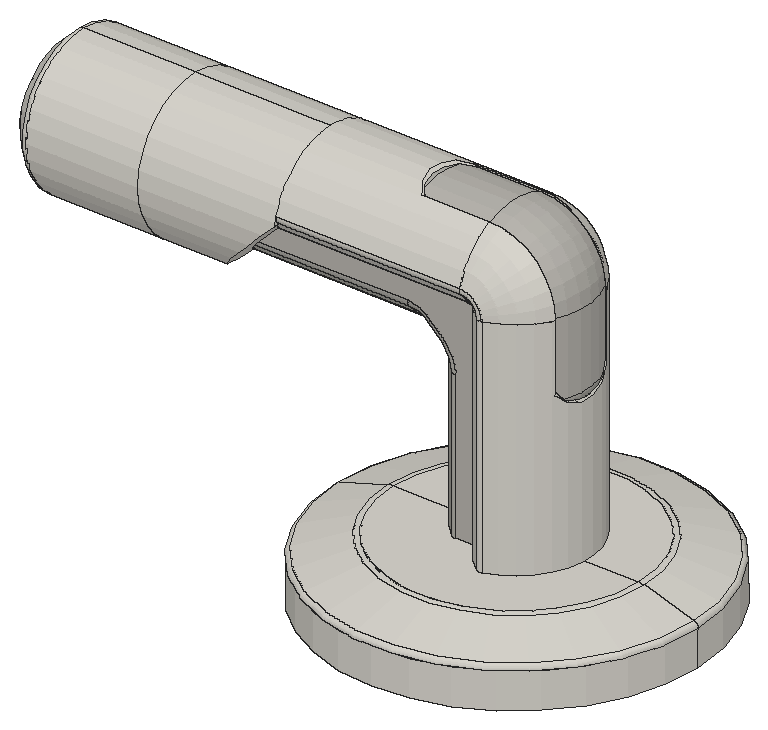
Revit family "Faucet-Deck_Mount-Handle-KALLISTA-Vice-P34580", category Plumbing Fixtures, host Face, Revit 2021
Family settings
  Host = Face
  Round Connector Dimension = Use Diameter
  Part Type = Normal
  OmniClass Number = 23.31.11.00
  OmniClass Title = Faucets
  Cut with Voids When Loaded = No
  Shared = No
  Room Calculation Point = No
Parameters (values of type "Vibrant Brushed Nickel, SN-Polished Nickel")
  Width = 2 133/256"  # constant formula
  WaterSense Certified = 1 = 0  # no
  Waste Water Outlet = "Waste Water Outlet"  # constant formula
  Waste Connection = 1 = 0  # no
  Vent Connection = 1 = 0  # no
  URL = "https://www.kallista.com/"
  Type = 3
  Secondary Finish = Kallista-Plastic-BN-Vibrant_Brushed_Nickel
  Product Page URL = ""
  Product Name = "Vice"  # constant formula
  Product Documentation Link = ""
  Pressure = 0.00 psi
  Model = if(Type = 1, "P34580-BAF-AF", if(Type = 2, "P34580-BN-BGP", if(Type = 3, "P34580-BN-SN", if(Type = 4, "P34580-BV-CP", if(Type = 5, "P34580-CP-CP", "NA")))))  # "P34580-BN-SN"
  Material = "Premium Metal Construction"  # constant formula
  Master Format 2014 Name = "Residential Faucets, Supplies, and Trim"  # constant formula
  Master Format 2014 = "22 41 39"  # constant formula
  Manufacturer Address = "444 Highland Dr, Kohler, WI 53044"  # constant formula
  Manufacturer = "Kallista Co."  # constant formula
  Length = 2.51969"  # constant formula
  Hot Water Inlet = "Hot Water Inlet"  # constant formula
  Height = 2.48819"  # constant formula
  Handle Clearance = 3.14961"  # constant formula
  HW Connection = 1 = 0  # no
  Flow Rate = 0 GPM
  Finish = Kallista-Metal-SN-Polished_Nickel
  Environmental Product Declaration = ""
  Drain Included = 1 = 0  # no
  Description = "Deck Mont Bah Faucet Diverter Handle , Lavatory"  # constant formula
  Default Elevation = 36"
  Declare Label = ""
  Date Modified = "4/25/2024"  # constant formula
  Date Created = "4/25/2024"  # constant formula
  Copyright = "Copyright Kallista Co."  # constant formula
  Contact Us = "https://www.kallista.com/corporate/contact-us/"
  Cold Water Inlet = "Cold Water Inlet"  # constant formula
  CW Connection = 1 = 1  # yes
  Assembly Code = "D2010"
  ADA Compliant = 1 = 0  # no
Types (6): name | Type | Secondary Finish | Model | Finish
  (no name) | 3 | Kallista-Plastic-BN-Vibrant_Brushed_Nickel | "P34580-BN-SN" | Kallista-Metal-SN-Polished_Nickel
  Chrome Accent, CP-Chrome | 5 | Kallista-Plastic-CP-Chrome | "P34580-CP-CP" | Kallista-Metal-CP-Chrome
  Brushed Bronze, CP-Chrome | 4 | Kallista-Plastic-BV-Brushed_Bronze | "P34580-BV-CP" | Kallista-Metal-CP-Chrome
  Vibrant Brushed Nickel, SN-Polished Nickel | 3 | Kallista-Plastic-BN-Vibrant_Brushed_Nickel | "P34580-BN-SN" | Kallista-Metal-SN-Polished_Nickel
  Brushed French Gold, AF-French Gold | 1 | Kallista-Plastic-BAF-Brushed_French_Gold | "P34580-BAF-AF" | Kallista-Metal-AF-French_Gold
  Vibrant Brushed Nickel, BGP | 2 | Kallista-Plastic-BN-Vibrant_Brushed_Nickel | "P34580-BN-BGP" | Kallista-Metal-BGP
Reference planes (in)
  plane 1 "Center (Front/Back)": y = 0
  plane 2: z = 0
  plane 3 "Center (Left/Right)": x = 0
  plane 4: y = -1.25984
  plane 5: y = 1.25984
  plane 6: y = -0.5
  plane 7: y = 0.5
  plane 8: z = 2.48819
  plane 9: z = 0.3937
  plane 10: x = 1.25984
  plane 11: x = -1.25969
  plane 12: x = -3.14961
Dimensions and locks (in)
  plane 7 to plane 6 = 1"
  "Height": plane 8 to level
  plane 9 to level = 0.3937"
  "Length": plane 5 to plane 4
  "Handle Clearance": plane 3 "Center (Left/Right)" to plane 12
  "Width": plane 11 to plane 10
  aligned and locked: plane 2 to host face
  aligned and locked: level to host face
  aligned and locked: plane 1 "Center (Front/Back)" to nested 1
  aligned and locked: plane 12 to nested 1
  aligned and locked: plane 10 to nested 1
  aligned and locked: plane 5 to nested 1
  aligned and locked: plane 4 to nested 1
  aligned and locked: plane 11 to nested 1
Automatic sketch dimensions
  host sketch curve to host sketch curve = 96"  (x2)
Nested families (in)
  nested 1: "P34580" at (0, 0, 0) x (0, -1, 0) z (0, 0, 1), type "P34580"
Connectors (in)
  piping at (0, 0, 0), diameter 0.5, driven by "CW Connection", driven by "Cold Water Inlet"
    settings: on nested 1, index 1, connector inside diameter 24", connector length 0", flow factor 0, pipe flow 0 GPM, pressure drop 0.00 psi, fitting loss kfactor 0, connector angle 0.00°, fixture units 0, engagement length 0", angle of deflection 0.00°, flow configuration 0, flow direction 1, fitting loss method 0, system type 20, joint type 0, gender type 0, connector reference index -1, connector utility 1, adjustable connector no, is connector primary yes, connector description "Cold Water Inlet"
Definition of nested family "P34580"
  Parameters
    Secondary Finish = none
    Material = none
    Default Elevation = 0"
  Reference planes (in)
    plane 1 "Center (Front/Back)": y = 0
    plane 2: z = 0
    plane 3 "Center (Left/Right)": x = 0
    plane 4: y = 1.25984
    plane 5: y = -1.25984
    plane 6: y = -3.14961
    plane 7: z = 2.48819
    plane 8: x = -1.25984
    plane 9: x = 1.25984
    plane 10: x = -0.5
    plane 11: x = 0.5
    plane 12: z = 0.3937
  Forms (in)
    Revolve 1, solid, material <- "Material", detail levels medium+fine
      sketch origin (0, 0, 0) x (0, 1, 0) y (0, 0, 1)
        loop
          line (1.25984, 0) -> (1.25984, 0.24693)
          arc (1.25984, 0.24693) -> (1.25229, 0.26983) -> (1.23261, 0.28374) r 0.03849
          line (1.23261, 0.28374) -> (0.89254, 0.38771)
          arc (0.89254, 0.38771) -> (0.87271, 0.39219) -> (0.85244, 0.3937) r 0.13718
          line (0.85244, 0.3937) -> (0.25627, 0.3937) -> (0.25627, 0.4248) -> (0, 0.4248) -> (0, 0) -> (1.25984, 0)
        axis (0, 0.4248) -> (0, 0)
      angle from 0 to 360
    Sweep 2, solid, material <- "Secondary Finish", detail levels medium+fine
      path origin (0, 0, 0) x (0, 1, 0) y (0, 0, 1)
        loop
          line (-0.34614, 0.4135) -> (-0.34614, 1.43508)
          arc (-0.34614, 1.43508) -> (-0.35495, 1.47935) -> (-0.38002, 1.51688) r 0.11569
          line (-0.38002, 1.51688) -> (-0.47496, 1.61181)
          arc (-0.47496, 1.61181) -> (-0.50637, 1.6328) -> (-0.54342, 1.64017) r 0.09682
          line (-0.54342, 1.64017) -> (-1.75721, 1.64017)
      profile origin (0, -1.15032, 1.64017) x (0, 0, -1) y (1, 0, 0)
        loop
          line (-0.34873, -0.2703) -> (-0.13727, -0.2703)
          arc (-0.13727, -0.2703) -> (-0.11498, -0.26591) -> (-0.09601, -0.2534) r 0.0588
          line (-0.09601, -0.2534) -> (-0.01705, -0.17564)
          arc (-0.01705, -0.17564) -> (-0.00443, -0.157) -> (0, -0.13493) r 0.05713
          line (0, -0.13493) -> (0, 0.13493)
          arc (0, 0.13493) -> (-0.00443, 0.157) -> (-0.01705, 0.17564) r 0.05713
          line (-0.01705, 0.17564) -> (-0.09601, 0.2534)
          arc (-0.09601, 0.2534) -> (-0.11498, 0.26591) -> (-0.13727, 0.2703) r 0.0588
          line (-0.13727, 0.2703) -> (-0.34873, 0.2703) -> (-0.34873, -0.2703)
    Extrusion 3, solid, material <- "Secondary Finish", detail levels medium+fine
      sketch origin (0, 0, 0) x (0, 1, 0) y (0, 0, 1)
        loop
          line (-0.2371, 1.84967) -> (-0.1424, 1.75496)
          arc (-0.1424, 1.75496) -> (-0.04337, 1.60821) -> (-0.00645, 1.43508) r 0.46443
          line (-0.00645, 1.43508) -> (0.07945, 1.43508) -> (0.07945, 2.04855) -> (-0.54342, 2.04855) -> (-0.54342, 1.98008)
          arc (-0.54342, 1.98008) -> (-0.37762, 1.94456) -> (-0.2371, 1.84967) r 0.44556
      from -0.2703 to 0.2703
    Sweep 4, solid, material <- "Material", detail levels medium+fine
      path origin (0, 0, 0) x (0, 1, 0) y (0, 0, 1)
        loop
          line (0.49969, 0.4135) -> (0.49969, 1.97638)
          arc (0.49969, 1.97638) -> (0.34979, 2.33828) -> (-0.01212, 2.48819) r 0.51181
          line (-0.01212, 2.48819) -> (-1.39007, 2.48819)
      profile origin (0, 0.49969, 1.19494) x (0, -1, 0) y (1, 0, 0)
        loop
          arc (0.3605, 0.48031) -> (-0.00024, -0.00228) -> (0.36508, -0.48142) r 0.5
          arc (0.36508, -0.48142) -> (0.38173, -0.48178) -> (0.39648, -0.47406) r 0.03347
          line (0.39648, -0.47406) -> (0.4855, -0.39392)
          arc (0.4855, -0.39392) -> (0.49579, -0.37975) -> (0.49943, -0.36263) r 0.0421
          line (0.49943, -0.36263) -> (0.49943, 0.36454)
          arc (0.49943, 0.36454) -> (0.49596, 0.38087) -> (0.48614, 0.39438) r 0.04016
          line (0.48614, 0.39438) -> (0.40103, 0.47102)
          arc (0.40103, 0.47102) -> (0.38197, 0.48092) -> (0.3605, 0.48031) r 0.04277
    Extrusion 5, solid, material <- "Material", detail levels medium+fine
      sketch origin (0, 0, 0) x (1, 0, 0) y (0, 0, 1)
        loop
          circle (0.0001, 1.98843) r 0.5
      from 1.29 to 2.23103
    Revolve 6, solid, material <- "Material", detail levels medium+fine
      sketch origin (0.0001, 0, 0) x (0, 1, 0) y (0, 0, 1)
        loop
          line (-2.23103, 1.98843) -> (-2.23103, 2.48843) -> (-3.00997, 2.48843)
          arc (-3.00997, 2.48843) -> (-3.02948, 2.48455) -> (-3.04603, 2.4735) r 0.05098
          line (-3.04603, 2.4735) -> (-3.13768, 2.38184)
          arc (-3.13768, 2.38184) -> (-3.14657, 2.36853) -> (-3.1497, 2.35283) r 0.04102
          line (-3.1497, 2.35283) -> (-3.1497, 1.98843) -> (-2.23103, 1.98843)
        axis (-2.23103, 1.98843) -> (-3.1497, 1.98843)
      angle from 0 to 360
    Extrusion 7, void
      sketch origin (0, 0, 0) x (0, 1, 0) y (0, 0, 1)
        loop
          line (-1.28609, 2.07337) -> (-1.96125, 1.39821) -> (-1.06864, 1.39821) -> (-1.06864, 2.07337) -> (-1.28609, 2.07337)
      from -0.97833 to 0.75393
    Sweep 8, solid, material <- "Secondary Finish", detail levels medium+fine
      path origin (0, 0, 0) x (0, 1, 0) y (0, 0, 1)
        loop
          arc (-0.58841, 2.43) -> (-0.55224, 2.46752) -> (-0.50198, 2.48132) r 0.09843
          line (-0.50198, 2.48132) -> (-0.00405, 2.48132)
          arc (-0.00405, 2.48132) -> (0.34632, 2.33619) -> (0.49145, 1.98582) r 0.4955
          line (0.49145, 1.98582) -> (0.49145, 1.46606)
          arc (0.49145, 1.46606) -> (0.47491, 1.41146) -> (0.43087, 1.3752) r 0.09843
      profile origin (0, -0.25302, 2.48132) x (0, 0, 1) y (1, 0, 0)
        loop
          line (-0.05328, 0.22486) -> (-0.09079, 0.22486) -> (-0.09079, -0.22348) -> (-0.0556, -0.22348)
          arc (-0.0556, -0.22348) -> (0, 0.00041) -> (-0.05328, 0.22486) r 0.48875
    Extrusion 9, solid, material <- "Material"
      sketch origin (0, 0, 0) x (1, 0, 0) y (0, 1, 0)
        loop
          circle (0, 0) r 0.07874
      from 0 to 0.01215
    Revolve 10, solid, material <- "Material", detail levels coarse
      sketch origin (0, 0, 0) x (0, 1, 0) y (0, 0, 1)
        loop
          line (1.25984, 0) -> (1.25984, 0.27541) -> (0.87294, 0.3937) -> (0.25627, 0.3937) -> (0.25627, 0.4248) -> (0, 0.4248) -> (0, 0) -> (1.25984, 0)
        axis (0, 0.4248) -> (0, 0)
      angle from 0 to 360
    Extrusion 11, solid, material <- "Material", detail levels coarse
      sketch origin (0, 0, 0) x (1, 0, 0) y (0, 0, 1)
        loop
          circle (0.0001, 1.98843) r 0.5
      from 1.29 to 3.14961
    Sweep 12, solid, material <- "Material", detail levels coarse
      path origin (0, 0, 0) x (0, 1, 0) y (0, 0, 1)
        loop
          line (0.48211, 0.41338) -> (0.48211, 1.97638)
          arc (0.48211, 1.97638) -> (0.33221, 2.33828) -> (-0.0297, 2.48819) r 0.51181
          line (-0.0297, 2.48819) -> (-1.29, 2.48819)
      profile origin (0, -0.65985, 2.48819) x (0, 0, -1) y (1, 0, 0)
        loop
          arc (0.49976, 0.5001) -> (-0.00024, 0.0001) -> (0.49976, -0.4999) r 0.5
          line (0.49976, -0.4999) -> (0.49976, 0.5001)
    Extrusion 13, solid, material <- "Secondary Finish", detail levels coarse
      sketch origin (0, 0, 0) x (0, 1, 0) y (0, 0, 1)
        loop
          arc (-0.54342, 1.64017) -> (-0.50637, 1.6328) -> (-0.47496, 1.61181) r 0.09682
          line (-0.47496, 1.61181) -> (-0.38002, 1.51688)
          arc (-0.38002, 1.51688) -> (-0.35495, 1.47935) -> (-0.34614, 1.43508) r 0.11569
          line (-0.34614, 1.43508) -> (-0.34614, 0.41338) -> (-0.01765, 0.41338) -> (-0.01765, 1.98843) -> (-1.73184, 1.98843) -> (-1.73184, 1.64017) -> (-0.54342, 1.64017)
      from -0.2703 to 0.2703
    Extrusion 14, void
      sketch origin (0, 0, 0) x (0, 1, 0) y (0, 0, 1)
        loop
          line (-1.37103, 1.98843) -> (-2.04619, 1.31327) -> (-1.06864, 1.31327) -> (-1.06864, 1.98843) -> (-1.37103, 1.98843)
      from 0.6971 to -0.69112
    Sweep 15, void
      path origin (0, -0.0123, -0.0123) x (0, 1, 0) y (0, 0, 1)
        loop
          arc (-0.60178, 2.51489) -> (-0.49957, 2.444) -> (-0.37772, 2.41902) r 0.30978
          line (-0.37772, 2.41902) -> (-0.00558, 2.41902)
          arc (-0.00558, 2.41902) -> (0.30385, 2.29085) -> (0.43202, 1.98143) r 0.4376
          line (0.43202, 1.98143) -> (0.43202, 1.61243)
          arc (0.43202, 1.61243) -> (0.45412, 1.49059) -> (0.5176, 1.38428) r 0.34692
      profile origin (0, -0.20395, 2.40672) x (0, 0, 1) y (1, 0, 0)
        loop
          line (0, 0.22486) -> (0, -0.22348) -> (0.09587, -0.22348) -> (0.09587, 0.22486) -> (0, 0.22486)
    Sweep 16, void
      path origin (0, 0.00003, -0.00052) x (0, 1, 0) y (0, 0, 1)
        loop
          arc (-0.60178, 2.51489) -> (-0.49957, 2.444) -> (-0.37772, 2.41902) r 0.30978
          line (-0.37772, 2.41902) -> (-0.00558, 2.41902)
          arc (-0.00558, 2.41902) -> (0.30385, 2.29085) -> (0.43202, 1.98143) r 0.4376
          line (0.43202, 1.98143) -> (0.43202, 1.61243)
          arc (0.43202, 1.61243) -> (0.45412, 1.49059) -> (0.5176, 1.38428) r 0.34692
      profile origin (0, -0.19162, 2.4185) x (0, 0, 1) y (1, 0, 0)
        loop
          line (0, 0.22486) -> (0, -0.22348) -> (0.07543, -0.22348) -> (0.07543, 0.22486) -> (0, 0.22486)
    Sweep 17, solid, material <- "Secondary Finish", detail levels coarse
      path origin (0, -0.0123, 0) x (0, 1, 0) y (0, 0, 1)
        loop
          arc (-0.58841, 2.43) -> (-0.55224, 2.46752) -> (-0.50198, 2.48132) r 0.09843
          line (-0.50198, 2.48132) -> (-0.00405, 2.48132)
          arc (-0.00405, 2.48132) -> (0.34632, 2.33619) -> (0.49145, 1.98582) r 0.4955
          line (0.49145, 1.98582) -> (0.49145, 1.46606)
          arc (0.49145, 1.46606) -> (0.47491, 1.41146) -> (0.43087, 1.3752) r 0.09843
      profile origin (0, -0.26532, 2.48132) x (0, 0, 1) y (1, 0, 0)
        loop
          line (-0.05328, 0.22486) -> (-0.09079, 0.22486) -> (-0.09079, -0.22348) -> (-0.0556, -0.22348)
          arc (-0.0556, -0.22348) -> (0, 0.00041) -> (-0.05328, 0.22486) r 0.48875
    Extrusion 18, void
      sketch origin (0, 0, 0) x (0, 1, 0) y (0, 0, 1)
        loop
          line (-1.28799, 2.07147) -> (-2.00634, 2.07147) -> (-2.00634, 1.35312) -> (-1.28799, 2.07147)
      from -0.66132 to 0.71393
  Cuts and joins
    Extrusion 18 cuts Sweep 2
    joined: Sweep 2, Extrusion 3
    Sweep 16 cuts Sweep 4
    Extrusion 7 cuts Extrusion 5
    joined: Revolve 1, Sweep 4, Extrusion 5, Revolve 6
    Extrusion 14 cuts Extrusion 11
    Sweep 15 cuts Sweep 12
    joined: Revolve 10, Extrusion 11, Sweep 12
    Extrusion 18 cuts Extrusion 13
    joined: Extrusion 13, Sweep 17
  Lines and regions (in)
    Masking region 1
      outline origin (0, 0, 0) x (1, 0, 0) y (0, 1, 0)
        loop
          line (0.3605, -3.14961) -> (-0.36555, -3.14961)
          arc (-0.36555, -3.14961) -> (-0.38122, -3.14649) -> (-0.3945, -3.13761) r 0.04095
          line (-0.3945, -3.13761) -> (-0.48672, -3.04539)
          arc (-0.48672, -3.04539) -> (-0.49654, -3.03095) -> (-0.5, -3.01383) r 0.04414
          line (-0.5, -3.01383) -> (-0.5, -1.38569)
          arc (-0.5, -1.38569) -> (-0.48941, -1.30241) -> (-0.48245, -1.21874) r 1.92952
          line (-0.48245, -1.21874) -> (-0.48245, -1.1638)
          arc (-0.48245, -1.1638) -> (-1.04718, -0.70044) -> (-1.25984, -0.00157) r 1.25984
          arc (-1.25984, -0.00157) -> (-0.89093, 0.89076) -> (0.00133, 1.25984) r 1.25984
          arc (0.00133, 1.25984) -> (0.89133, 0.89036) -> (1.25984, -0.00005) r 1.25984
          arc (1.25984, -0.00005) -> (1.04761, -0.6998) -> (0.48245, -1.1638) r 1.25984
          line (0.48245, -1.1638) -> (0.48245, -1.21874)
          arc (0.48245, -1.21874) -> (0.48941, -1.30241) -> (0.5, -1.38569) r 1.92952
          line (0.5, -1.38569) -> (0.5, -3.01383)
          arc (0.5, -3.01383) -> (0.49654, -3.03095) -> (0.48672, -3.04539) r 0.04414
          line (0.48672, -3.04539) -> (0.3945, -3.13761)
          arc (0.3945, -3.13761) -> (0.38122, -3.14649) -> (0.36555, -3.14961) r 0.04095
    Masking region 2
      outline origin (0, 0, 0) x (1, 0, 0) y (0, 0, 1)
        loop
          line (-1.25984, 0) -> (0, 0) -> (1.25984, 0) -> (1.25984, 0.24764)
          arc (1.25984, 0.24764) -> (1.2529, 0.26883) -> (1.23476, 0.2818) r 0.0358
          line (1.23476, 0.2818) -> (0.8926, 0.38571)
          arc (0.8926, 0.38571) -> (0.86599, 0.39169) -> (0.83879, 0.3937) r 0.18519
          line (0.83879, 0.3937) -> (0.27653, 0.3937) -> (0.30172, 0.41338) -> (0.46243, 0.41338)
          arc (0.46243, 0.41338) -> (0.47635, 0.41915) -> (0.48211, 0.43307) r 0.01969
          line (0.48211, 0.43307) -> (0.48211, 1.86013)
          arc (0.48211, 1.86013) -> (0, 2.48819) -> (-0.48211, 1.86013) r 0.49907
          line (-0.48211, 1.86013) -> (-0.48211, 0.43307)
          arc (-0.48211, 0.43307) -> (-0.47635, 0.41915) -> (-0.46243, 0.41338) r 0.01969
          line (-0.46243, 0.41338) -> (-0.30172, 0.41338) -> (-0.27653, 0.3937) -> (-0.83879, 0.3937)
          arc (-0.83879, 0.3937) -> (-0.86599, 0.39169) -> (-0.8926, 0.38571) r 0.18519
          line (-0.8926, 0.38571) -> (-1.23476, 0.2818)
          arc (-1.23476, 0.2818) -> (-1.2529, 0.26883) -> (-1.25984, 0.24764) r 0.0358
          line (-1.25984, 0.24764) -> (-1.25984, 0)
    Masking region 3
      outline origin (0, 0, 0) x (0, 1, 0) y (0, 0, 1)
        loop
          line (-0.57922, 2.48819) -> (-3.01447, 2.48819)
          arc (-3.01447, 2.48819) -> (-3.03111, 2.48488) -> (-3.04522, 2.47545) r 0.04349
          line (-3.04522, 2.47545) -> (-3.13536, 2.38531)
          arc (-3.13536, 2.38531) -> (-3.1459, 2.36953) -> (-3.14961, 2.35092) r 0.04863
          line (-3.14961, 2.35092) -> (-3.14961, 1.62558)
          arc (-3.14961, 1.62558) -> (-3.1459, 1.60697) -> (-3.13536, 1.59119) r 0.04863
          line (-3.13536, 1.59119) -> (-3.04522, 1.50105)
          arc (-3.04522, 1.50105) -> (-3.0325, 1.49223) -> (-3.0175, 1.48842) r 0.04349
          line (-3.0175, 1.48842) -> (-1.90138, 1.48842)
          arc (-1.90138, 1.48842) -> (-1.88069, 1.49244) -> (-1.86302, 1.50391) r 0.05523
          line (-1.86302, 1.50391) -> (-1.65324, 1.7064) -> (-1.6853, 1.67434)
          arc (-1.6853, 1.67434) -> (-1.68955, 1.65296) -> (-1.67143, 1.64085) r 0.01962
          line (-1.67143, 1.64085) -> (-0.54685, 1.64085)
          arc (-0.54685, 1.64085) -> (-0.50802, 1.63313) -> (-0.4751, 1.61113) r 0.10147
          line (-0.4751, 1.61113) -> (-0.37801, 1.51405)
          arc (-0.37801, 1.51405) -> (-0.3554, 1.4802) -> (-0.34746, 1.44028) r 0.10432
          line (-0.34746, 1.44028) -> (-0.34746, 0.43333)
          arc (-0.34746, 0.43333) -> (-0.34171, 0.41947) -> (-0.32786, 0.41373) r 0.0196
          line (-0.32786, 0.41373) -> (-0.29663, 0.41373) -> (-0.26348, 0.3937) -> (-0.84152, 0.3937)
          arc (-0.84152, 0.3937) -> (-0.86696, 0.39184) -> (-0.89186, 0.38629) r 0.17458
          line (-0.89186, 0.38629) -> (-1.23313, 0.28352)
          arc (-1.23313, 0.28352) -> (-1.25243, 0.26997) -> (-1.25984, 0.24758) r 0.03753
          line (-1.25984, 0.24758) -> (-1.25984, 0) -> (1.25984, 0) -> (1.25984, 0.24529)
          arc (1.25984, 0.24529) -> (1.25141, 0.27064) -> (1.22948, 0.28589) r 0.04232
          line (1.22948, 0.28589) -> (0.88449, 0.38751)
          arc (0.88449, 0.38751) -> (0.86325, 0.39215) -> (0.84157, 0.3937) r 0.15188
          line (0.84157, 0.3937) -> (0.27522, 0.3937) -> (0.30278, 0.41373) -> (0.48001, 0.41373)
          arc (0.48001, 0.41373) -> (0.49393, 0.41949) -> (0.49969, 0.43341) r 0.01969
          line (0.49969, 0.43341) -> (0.49969, 1.40768)
          arc (0.49969, 1.40768) -> (0.48851, 1.42683) -> (0.47263, 1.44231) r 0.08253
          arc (0.47263, 1.44231) -> (0.48636, 1.44957) -> (0.49185, 1.4641) r 0.02195
          line (0.49185, 1.4641) -> (0.49185, 1.99164)
          arc (0.49185, 1.99164) -> (0.34874, 2.33714) -> (0.00323, 2.48025) r 0.48862
          line (0.00323, 2.48025) -> (-0.52098, 2.48025)
          arc (-0.52098, 2.48025) -> (-0.53679, 2.47517) -> (-0.54667, 2.46183) r 0.02713
          arc (-0.54667, 2.46183) -> (-0.56117, 2.47721) -> (-0.57922, 2.48819) r 0.07905
    symbolic lines, detail levels medium+fine
      curve 1: line (-0.48245, -1.1638, 0) -> (-0.48245, 0.13356, 0)
      curve 2: line (0.48245, -1.1638, 0) -> (0.48245, 0.12231, 0)
      curve 3: arc (-0.48245, 0.13356, 0) -> (-0.39765, 0.3016, 0) -> (-0.25675, 0.4264, 0) r 0.50013
      curve 4: line (-0.25675, -0.39593, 0) -> (-0.25675, 0.4264, 0)
      curve 5: line (0.25541, -0.40617, 0) -> (0.25541, 0.42537, 0)
      curve 6: line (-0.07923, -0.57344, 0) -> (0.08813, -0.57344, 0)
      curve 7: arc (-0.07923, -0.57344, 0) -> (-0.20475, -0.52145, 0) -> (-0.25675, -0.39593, 0) r 0.17752
      curve 8: arc (0.08813, -0.57344, 0) -> (0.20641, -0.52445, 0) -> (0.25541, -0.40617, 0) r 0.16728
      curve 9: line (-0.22861, -0.40044, 0) -> (-0.22861, 0.4083, 0)
      curve 10: line (-0.0716, -0.55744, 0) -> (0.0716, -0.55744, 0)
      curve 11: arc (-0.0716, -0.55744, 0) -> (-0.18262, -0.51146, 0) -> (-0.22861, -0.40044, 0) r 0.15701
      curve 12: line (0.22861, -0.40044, 0) -> (0.22861, 0.4083, 0)
      curve 13: arc (0.0716, -0.55744, 0) -> (0.18262, -0.51146, 0) -> (0.22861, -0.40044, 0) r 0.15701
      curve 14: arc (-0.25675, 0.4264, 0) -> (-0.00053, 0.49642, 0) -> (0.25541, 0.42537, 0) r 0.50013
      curve 15: arc (-0.22861, 0.4083, 0) -> (-0.23774, 0.42503, 0) -> (-0.25675, 0.4264, 0) r 0.01989
      curve 16: arc (0.25541, 0.42537, 0) -> (0.39872, 0.29616, 0) -> (0.48245, 0.12231, 0) r 0.50013
      curve 17: arc (0.22861, 0.4083, 0) -> (0.23732, 0.42418, 0) -> (0.25541, 0.42537, 0) r 0.01884
      curve 18: line (-0.22469, 0.42581, 0) -> (-0.22469, -0.39481, 0)
      curve 19: line (-0.07694, -0.54255, 0) -> (0.07694, -0.54255, 0)
      curve 20: arc (-0.22469, -0.39481, 0) -> (-0.18141, -0.49928, 0) -> (-0.07694, -0.54255, 0) r 0.14775
      curve 21: line (0.22469, 0.42581, 0) -> (0.22469, -0.39481, 0)
      curve 22: arc (0.22469, -0.39481, 0) -> (0.18141, -0.49928, 0) -> (0.07694, -0.54255, 0) r 0.14775
      curve 23: arc (-0.22469, 0.42581, 0) -> (-0.22151, 0.43663, 0) -> (-0.21298, 0.44402, 0) r 0.02002
      curve 24: line (-0.21298, 0.44402, 0) -> (-0.21298, -0.39182, 0)
      curve 25: arc (0.22469, 0.42581, 0) -> (0.22151, 0.43663, 0) -> (0.21298, 0.44402, 0) r 0.02002
      curve 26: line (0.21298, 0.44402, 0) -> (0.21298, -0.39092, 0)
      curve 27: line (-0.08416, -0.52065, 0) -> (0.08326, -0.52065, 0)
      curve 28: arc (-0.21298, -0.39182, 0) -> (-0.17525, -0.48291, 0) -> (-0.08416, -0.52065, 0) r 0.12883
      curve 29: arc (0.08326, -0.52065, 0) -> (0.17499, -0.48265, 0) -> (0.21298, -0.39092, 0) r 0.12972
      curve 30: line (-0.5, -3.01383, 0) -> (0.5, -3.01383, 0)
      curve 31: line (0.48672, -3.04539, 0) -> (-0.48672, -3.04539, 0)
      curve 32: line (-0.3945, -3.13761, 0) -> (0.3945, -3.13761, 0)
      curve 33: arc (0.48245, -1.13094, 0) -> (0, 1.22955, 0) -> (-0.48245, -1.13094, 0) r 1.22955
      curve 34: arc (0.48245, -0.68306, 0) -> (0, 0.83626, 0) -> (-0.48245, -0.68306, 0) r 0.83626
      curve 35: arc (0.48245, -0.75316, 0) -> (0, 0.89444, 0) -> (-0.48245, -0.75316, 0) r 0.89444
      curve 36: line (-0.27653, 0, 0.3937) -> (0.27653, 0, 0.3937)
      curve 37: line (0.30172, 0, 0.41338) -> (-0.30172, 0, 0.41338)
      curve 38: line (-0.48211, 0, 0.43307) -> (0.48211, 0, 0.43307)
      curve 39: line (-0.8926, 0, 0.38571) -> (0.8926, 0, 0.38571)
      curve 40: line (1.23476, 0, 0.2818) -> (-1.23476, 0, 0.2818)
      curve 41: line (-1.25984, 0, 0.24764) -> (1.25984, 0, 0.24764)
      curve 42: arc (-0.48211, 0, 1.86013) -> (0, 0, 1.49005) -> (0.48211, 0, 1.86013) r 0.49907
      curve 43: circle (-0.00017, 0, 1.98828) r 0.3937 normal (0, -1, 0)
      curve 44: circle (-0.00017, 0, 1.98828) r 0.48316 normal (0, -1, 0)
      curve 45: circle (-0.00017, 0, 1.98828) r 0.36132 normal (0, -1, 0)
      curve 46: line (-0.28191, 0, 1.5773) -> (-0.26691, 0, 0.43307)
      curve 47: line (-0.24819, 0, 0.43307) -> (-0.26176, 0, 1.5642)
      curve 48: line (-0.17255, 0, 1.441) -> (0.17279, 0, 1.441)
      curve 49: line (-0.17255, 0, 1.441) -> (-0.26077, 0, 1.48214)
      curve 50: line (0.17279, 0, 1.441) -> (0.26077, 0, 1.48202)
      curve 51: line (-0.17255, 0, 0.43307) -> (-0.17255, 0, 1.52083)
      curve 52: line (-0.13732, 0, 0.43307) -> (-0.13732, 0, 1.50931)
      curve 53: line (0.13566, 0, 0.43307) -> (0.13566, 0, 1.50884)
      curve 54: line (0.17279, 0, 0.43307) -> (0.17279, 0, 1.52092)
      curve 55: line (0.28191, 0, 1.5773) -> (0.26691, 0, 0.43307)
      curve 56: line (0.24819, 0, 0.43307) -> (0.26176, 0, 1.5642)
      curve 57: arc (-0.23784, 0, 0.41338) -> (-0.24538, 0, 0.42198) -> (-0.24819, 0, 0.43307) r 0.02445
      curve 58: arc (-0.26691, 0, 0.43307) -> (-0.26471, 0, 0.42243) -> (-0.2587, 0, 0.41338) r 0.02861
      curve 59: arc (0.23784, 0, 0.41338) -> (0.24538, 0, 0.42198) -> (0.24819, 0, 0.43307) r 0.02445
      curve 60: arc (0.26691, 0, 0.43307) -> (0.26471, 0, 0.42243) -> (0.2587, 0, 0.41338) r 0.02861
      curve 61: arc (-0.13137, 0, 0.41338) -> (-0.1358, 0, 0.42279) -> (-0.13732, 0, 0.43307) r 0.03555
      curve 62: arc (-0.16298, 0, 0.41338) -> (-0.17003, 0, 0.42212) -> (-0.17255, 0, 0.43307) r 0.02502
      curve 63: arc (0.13137, 0, 0.41338) -> (0.1358, 0, 0.42279) -> (0.13732, 0, 0.43307) r 0.03555
      curve 64: arc (0.16298, 0, 0.41338) -> (0.17003, 0, 0.42212) -> (0.17255, 0, 0.43307) r 0.02502
      curve 65: line (0, -3.13536, 1.59119) -> (0, -3.13536, 2.38531)
      curve 66: line (0, -3.01447, 2.48819) -> (0, -3.01447, 1.48831)
      curve 67: line (0, -3.04522, 1.50105) -> (0, -3.04522, 2.47545)
      curve 68: line (0, 0.30278, 0.41373) -> (0, -0.29663, 0.41373)
      curve 69: line (0, -0.26348, 0.3937) -> (0, 0.27522, 0.3937)
      curve 70: line (0, -0.89186, 0.38629) -> (0, 0.88865, 0.38629)
      curve 71: line (0, -1.23313, 0.28352) -> (0, 1.23752, 0.28352)
      curve 72: line (0, 1.25984, 0.24529) -> (0, -1.25977, 0.24529)
      curve 73: line (0, -0.10896, 1.98817) -> (0, -1.3291, 1.98817)
      curve 74: line (0, -1.65324, 1.7064) -> (0, -1.40143, 1.95821)
      curve 75: line (0, 0, 1.87921) -> (0, 0, 0.43333)
      curve 76: arc (0, 0, 1.87921) -> (0, -0.03191, 1.95626) -> (0, -0.10896, 1.98817) r 0.10896
      curve 77: arc (0, -1.40143, 1.95821) -> (0, -1.36824, 1.98038) -> (0, -1.3291, 1.98817) r 0.10229
      curve 78: line (0, -1.90138, 1.48842) -> (0, -1.39782, 1.96707)
      curve 79: line (0, -1.30267, 2.00638) -> (0, -0.10669, 2.00638)
      curve 80: line (0, 0.0165, 1.88319) -> (0, 0.02906, 0.41373)
      curve 81: arc (0, -0.10669, 2.00638) -> (0, -0.01958, 1.9703) -> (0, 0.0165, 1.88319) r 0.12318
      curve 82: arc (0, -1.39782, 1.96707) -> (0, -1.35414, 1.99616) -> (0, -1.30267, 2.00638) r 0.13483
      curve 83: line (0, 0.42883, 1.60916) -> (0, 0.42883, 1.98725)
      curve 84: line (0, -0.37939, 2.41772) -> (0, -0.00164, 2.41772)
      curve 85: arc (0, -0.00164, 2.41772) -> (0, 0.30275, 2.29164) -> (0, 0.42883, 1.98725) r 0.43047
      curve 86: line (0, -0.38645, 2.43242) -> (0, 0.00181, 2.43242)
      curve 87: line (0, 0.4442, 1.99002) -> (0, 0.4442, 1.6006)
      curve 88: arc (0, 0.4442, 1.6006) -> (0, 0.45646, 1.52831) -> (0, 0.49185, 1.4641) r 0.21937
      curve 89: arc (0, 0.47263, 1.44231) -> (0, 0.43996, 1.52291) -> (0, 0.42883, 1.60916) r 0.33965
      curve 90: arc (0, -0.54667, 2.46183) -> (0, -0.46589, 2.42894) -> (0, -0.37939, 2.41772) r 0.33927
      curve 91: arc (0, -0.52098, 2.48025) -> (0, -0.45784, 2.44473) -> (0, -0.38645, 2.43242) r 0.21309
      curve 92: arc (0, 0.00181, 2.43242) -> (0, 0.31463, 2.30284) -> (0, 0.4442, 1.99002) r 0.44239
      curve 93: line (0, -0.51088, 1.78184) -> (0, -1.56862, 1.76707)
      curve 94: line (0, -1.58833, 1.72997) -> (0, -0.49163, 1.74391)
      curve 95: line (0, -0.24303, 1.4909) -> (0, -0.25584, 0.43333)
      curve 96: line (0, -0.22154, 0.43333) -> (0, -0.20754, 1.48832)
      curve 97: line (0, -0.24511, 1.58074) -> (0, -0.40199, 1.73762)
      curve 98: arc (0, -0.40199, 1.73762) -> (0, -0.45196, 1.77076) -> (0, -0.51088, 1.78184) r 0.15103
      curve 99: arc (0, -0.20754, 1.48832) -> (0, -0.21698, 1.53833) -> (0, -0.24511, 1.58074) r 0.1283
      curve 100: line (0, -0.2691, 1.55494) -> (0, -0.43496, 1.7208)
      curve 101: arc (0, -0.49163, 1.74391) -> (0, -0.46097, 1.73807) -> (0, -0.43496, 1.7208) r 0.07894
      curve 102: arc (0, -0.24303, 1.4909) -> (0, -0.24959, 1.52555) -> (0, -0.2691, 1.55494) r 0.08904
      curve 103: line (0, -1.67143, 1.64085) -> (0, -1.58833, 1.72997)
      curve 104: arc (0, -1.58833, 1.72997) -> (0, -1.57603, 1.74722) -> (0, -1.56862, 1.76707) r 0.08102
      curve 105: line (0, -1.56862, 1.76707) -> (0, -1.40206, 1.93364)
      curve 106: line (0, -0.11395, 1.96819) -> (0, -1.31864, 1.96819)
      curve 107: line (0, -0.02906, 0.41373) -> (0, -0.02137, 1.87561)
      curve 108: arc (0, -0.02137, 1.87561) -> (0, -0.04849, 1.94107) -> (0, -0.11395, 1.96819) r 0.09258
      curve 109: arc (0, -1.31864, 1.96819) -> (0, -1.36378, 1.95921) -> (0, -1.40206, 1.93364) r 0.11797
      curve 110: line (0, -0.34746, 0.43333) -> (0, 0.49969, 0.43333)
      curve 111: arc (0, 0, 0.43333) -> (0, 0.01062, 0.41773) -> (0, 0.02906, 0.41373) r 0.02545
      curve 112: arc (0, 0, 0.43333) -> (0, -0.01062, 0.41773) -> (0, -0.02906, 0.41373) r 0.02545
      curve 113: arc (0, -0.25584, 0.43333) -> (0, -0.25445, 0.42311) -> (0, -0.25017, 0.41373) r 0.03524
      curve 114: arc (0, -0.2062, 0.41373) -> (0, -0.21732, 0.42083) -> (0, -0.22154, 0.43333) r 0.01986
      curve 115: line (0, -1.65729, 1.65602) -> (0, -0.54256, 1.65602)
      curve 116: line (0, -0.36356, 1.52038) -> (0, -0.46853, 1.62535)
      curve 117: line (0, -0.33196, 1.4441) -> (0, -0.33196, 0.43333)
      curve 118: arc (0, -0.33196, 0.43333) -> (0, -0.32896, 0.42204) -> (0, -0.32076, 0.41373) r 0.02275
      curve 119: arc (0, -0.33196, 1.4441) -> (0, -0.34017, 1.48538) -> (0, -0.36356, 1.52038) r 0.10788
      curve 120: arc (0, -0.54256, 1.65602) -> (0, -0.5025, 1.64805) -> (0, -0.46853, 1.62535) r 0.10469
      curve 121: arc (0, -1.6853, 1.67434) -> (0, -1.67402, 1.66101) -> (0, -1.65729, 1.65602) r 0.03057
      curve 122: line (0, -1.34489, 2.06262) -> (0, -1.6496, 1.72774)
      curve 123: line (0, -1.19506, 2.12682) -> (0, 0.00775, 2.12682)
      curve 124: line (0, 0.10181, 1.99465) -> (0, 0.10181, 0.43333)
      curve 125: line (0, 0.00593, 2.09053) -> (0, -1.21638, 2.09053)
      curve 126: arc (0, -1.34489, 2.06262) -> (0, -1.27657, 2.11009) -> (0, -1.19506, 2.12682) r 0.20694
      curve 127: line (0, -1.39782, 1.96707) -> (0, -1.31536, 2.04953)
      curve 128: arc (0, -1.21638, 2.09053) -> (0, -1.26995, 2.07988) -> (0, -1.31536, 2.04953) r 0.13997
      curve 129: arc (0, 0.10181, 1.99465) -> (0, 0.07373, 2.06245) -> (0, 0.00593, 2.09053) r 0.09588
      curve 130: line (0, 0.13787, 1.9967) -> (0, 0.13787, 0.43333)
      curve 131: arc (0, 0.00775, 2.12682) -> (0, 0.09976, 2.08871) -> (0, 0.13787, 1.9967) r 0.13012
      curve 132: arc (0, 0.13787, 0.43333) -> (0, 0.13599, 0.42287) -> (0, 0.13057, 0.41373) r 0.02997
      curve 133: arc (0, 0.10181, 0.43333) -> (0, 0.10369, 0.42287) -> (0, 0.10909, 0.41373) r 0.03002
      curve 134: arc (0.21298, 0.44402, 0) -> (0, 0.49068, 0) -> (-0.21298, 0.44402, 0) r 0.50949
  Dimensions and locks (in)
    plane 7 to level = 2.48819"
    plane 4 to plane 5 = 2.51969"
    plane 10 to plane 11 = 1"
    plane 8 to plane 9 = 2.51969"
    plane 5 to plane 4 = 2.51969"
    plane 6 to plane 1 "Center (Front/Back)" = 3.14961"
    plane 12 to level = 0.3937"
    aligned and locked: plane 2 to level
    aligned and locked: Revolve 6 sketch curve to Revolve 6 sketch curve
    aligned and locked: Revolve 6 to Extrusion 5
